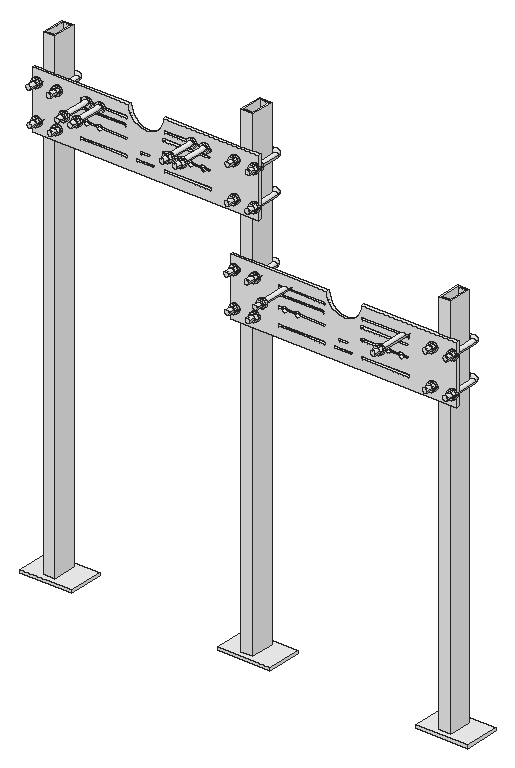
Revit family "Plumbing Fixture-Water_Closet_Carrier_Mifab_MC-33", category Plumbing Fixtures, host Face, Revit 2013
Parameters
  WFU = 0
  URL = "www.mifab.com"
  Model = "MC-33"
  Manufacturer = "MIFAB"
  Interceptor Material = Paint - Sherwin Williams Paint - #952C2A - Bellwood Red
  Description = "Hanger Plate Carrier With Three Uprights"
  Default Elevation = 0.000"
  Assembly Code = ""
Reference planes (in)
  plane 1 "Center (Front/Back)": y = 0
  plane 2: z = 0
  plane 3 "Center (Left/Right)": x = 0
Forms (in)
  Extrusion 1, solid, material "Paint - Sherwin Williams Paint - #952C2A - Bellwood Red" <- "Interceptor Material"
    sketch origin (-8.875, 0, 0) x (1, 0, 0) y (0, 1, 0)
      loop
        line (-10.75, 1.5) -> (-10.75, -1.5) -> (-6.25, -1.5) -> (-6.25, 1.5) -> (-10.75, 1.5)
      loop
        line (10.75, 1.5) -> (6.25, 1.5) -> (6.25, -1.5) -> (10.75, -1.5) -> (10.75, 1.5)
    from 0 to 0.25
  Extrusion 2, solid, material "Paint - Sherwin Williams Paint - #952C2A - Bellwood Red" <- "Interceptor Material"
    sketch origin (-9, 0, 0) x (1, 0, 0) y (0, 1, 0)
      loop
        line (-9, 1) -> (-9, -1) -> (-8, -1) -> (-8, 1) -> (-9, 1)
      loop
        line (9, 1) -> (8, 1) -> (8, -1) -> (9, -1) -> (9, 1)
      loop
        line (-8.875, 0.875) -> (-8.875, -0.875) -> (-8.125, -0.875) -> (-8.125, 0.875) -> (-8.875, 0.875)
      loop
        line (8.875, 0.875) -> (8.125, 0.875) -> (8.125, -0.875) -> (8.875, -0.875) -> (8.875, 0.875)
    from 0.25 to 42
  Extrusion 3, solid, material "Paint - Sherwin Williams Paint - #952C2A - Bellwood Red" <- "Interceptor Material"
    sketch origin (-8.95325, -1.5, 0) x (1, 0, 0) y (0, 0, 1)
      loop
        line (-9.75, 39.14334) -> (-9.75, 34.14334) -> (9.65649, 34.14334) -> (9.65649, 39.14334) -> (1.5, 39.14334)
        arc (1.5, 39.14334) -> (0, 37.64334) -> (-1.5, 39.14334) r 1.5
        line (-1.5, 39.14334) -> (-9.75, 39.14334)
      loop
        circle (9.37144, 38.14334) r 0.25
      loop
        circle (7.62856, 38.14334) r 0.25
      loop
        circle (-9.37144, 38.14334) r 0.25
      loop
        circle (-7.62856, 38.14334) r 0.25
      loop
        line (5.54399, 38.26834) -> (5.275, 38.26834) -> (1.66899, 38.26834)
        arc (1.66899, 38.26834) -> (1.54399, 38.14334) -> (1.66899, 38.01834) r 0.125
        line (1.66899, 38.01834) -> (5.27785, 38.01834) -> (5.54399, 38.01834)
        arc (5.54399, 38.01834) -> (5.66899, 38.14334) -> (5.54399, 38.26834) r 0.125
      loop
        arc (-5.54399, 38.26834) -> (-5.66899, 38.14334) -> (-5.54399, 38.01834) r 0.125
        line (-5.54399, 38.01834) -> (-5.27785, 38.01834) -> (-1.66899, 38.01834)
        arc (-1.66899, 38.01834) -> (-1.54399, 38.14334) -> (-1.66899, 38.26834) r 0.125
        line (-1.66899, 38.26834) -> (-5.275, 38.26834) -> (-5.54399, 38.26834)
      loop
        circle (9.37144, 35.14334) r 0.25
      loop
        circle (7.62856, 35.14334) r 0.25
      loop
        circle (-9.37144, 35.14334) r 0.25
      loop
        circle (-7.62856, 35.14334) r 0.25
      loop
        arc (5.54399, 35.01834) -> (5.66899, 35.14334) -> (5.54399, 35.26834) r 0.125
        line (5.54399, 35.26834) -> (1.66899, 35.26834)
        arc (1.66899, 35.26834) -> (1.54399, 35.14334) -> (1.66899, 35.01834) r 0.125
        line (1.66899, 35.01834) -> (5.54399, 35.01834)
      loop
        line (-5.54399, 35.01834) -> (-3.725, 35.01834) -> (-1.66899, 35.01834)
        arc (-1.66899, 35.01834) -> (-1.54399, 35.14334) -> (-1.66899, 35.26834) r 0.125
        line (-1.66899, 35.26834) -> (-3.72215, 35.26834) -> (-5.54399, 35.26834)
        arc (-5.54399, 35.26834) -> (-5.66899, 35.14334) -> (-5.54399, 35.01834) r 0.125
      loop
        arc (-5.54399, 36.64334) -> (-5.66899, 36.51834) -> (-5.54399, 36.39334) r 0.125
        line (-5.54399, 36.39334) -> (-5.27785, 36.39334)
        arc (-5.27785, 36.39334) -> (-5.05994, 36.26587) -> (-4.84203, 36.39334) r 0.25
        line (-4.84203, 36.39334) -> (-4.15797, 36.39334)
        arc (-4.15797, 36.39334) -> (-3.94006, 36.26587) -> (-3.72215, 36.39334) r 0.25
        line (-3.72215, 36.39334) -> (-1.66899, 36.39334)
        arc (-1.66899, 36.39334) -> (-1.54399, 36.51834) -> (-1.66899, 36.64334) r 0.125
        line (-1.66899, 36.64334) -> (-3.725, 36.64334)
        arc (-3.725, 36.64334) -> (-3.94006, 36.76587) -> (-4.15512, 36.64334) r 0.25
        line (-4.15512, 36.64334) -> (-4.84488, 36.64334)
        arc (-4.84488, 36.64334) -> (-5.05994, 36.76587) -> (-5.275, 36.64334) r 0.25
        line (-5.275, 36.64334) -> (-5.54399, 36.64334)
      loop
        line (5.41405, 37.625) -> (5.14506, 37.625) -> (1.53905, 37.625)
        arc (1.53905, 37.625) -> (1.41405, 37.5) -> (1.53905, 37.375) r 0.125
        line (1.53905, 37.375) -> (5.14791, 37.375) -> (5.41405, 37.375)
        arc (5.41405, 37.375) -> (5.53905, 37.5) -> (5.41405, 37.625) r 0.125
      loop
        arc (-5.67393, 37.625) -> (-5.79893, 37.5) -> (-5.67393, 37.375) r 0.125
        line (-5.67393, 37.375) -> (-5.40779, 37.375) -> (-1.79893, 37.375)
        arc (-1.79893, 37.375) -> (-1.67393, 37.5) -> (-1.79893, 37.625) r 0.125
        line (-1.79893, 37.625) -> (-5.40494, 37.625) -> (-5.67393, 37.625)
      loop
        line (5.45049, 36.64334) -> (5.1815, 36.64334)
        arc (5.1815, 36.64334) -> (4.96643, 36.76587) -> (4.75137, 36.64334) r 0.25
        line (4.75137, 36.64334) -> (4.06162, 36.64334)
        arc (4.06162, 36.64334) -> (3.84656, 36.76587) -> (3.63149, 36.64334) r 0.25
        line (3.63149, 36.64334) -> (1.57549, 36.64334)
        arc (1.57549, 36.64334) -> (1.45049, 36.51834) -> (1.57549, 36.39334) r 0.125
        line (1.57549, 36.39334) -> (3.62864, 36.39334)
        arc (3.62864, 36.39334) -> (3.84656, 36.26587) -> (4.06447, 36.39334) r 0.25
        line (4.06447, 36.39334) -> (4.74852, 36.39334)
        arc (4.74852, 36.39334) -> (4.96643, 36.26587) -> (5.18435, 36.39334) r 0.25
        line (5.18435, 36.39334) -> (5.45049, 36.39334)
        arc (5.45049, 36.39334) -> (5.57549, 36.51834) -> (5.45049, 36.64334) r 0.125
      loop
        arc (-0.70997, 35.26834) -> (-0.83497, 35.14334) -> (-0.70997, 35.01834) r 0.125
        line (-0.70997, 35.01834) -> (0.61647, 35.01834)
        arc (0.61647, 35.01834) -> (0.74147, 35.14334) -> (0.61647, 35.26834) r 0.125
        line (0.61647, 35.26834) -> (-0.70997, 35.26834)
      loop
        arc (-0.32934, 35.95824) -> (-0.45434, 35.83324) -> (-0.32934, 35.70824) r 0.125
        line (-0.32934, 35.70824) -> (0.23583, 35.70824)
        arc (0.23583, 35.70824) -> (0.36083, 35.83324) -> (0.23583, 35.95824) r 0.125
        line (0.23583, 35.95824) -> (-0.32934, 35.95824)
    from -0.5 to -0.25
  Sweep 4, solid, material "Paint - Sherwin Williams Paint - #952C2A - Bellwood Red" <- "Interceptor Material"
    path origin (-8.95325, 0, 0.48355) x (1, 0, 0) y (0, 1, 0)
      loop
        line (-9.37144, -2.1899) -> (-9.37144, 0.8101)
        arc (-9.37144, 0.8101) -> (-9.2426, 1.12116) -> (-8.93154, 1.25) r 0.4399
        line (-8.93154, 1.25) -> (-8.06846, 1.25)
        arc (-8.06846, 1.25) -> (-7.7574, 1.12116) -> (-7.62856, 0.8101) r 0.4399
        line (-7.62856, 0.8101) -> (-7.62856, -2.1899)
    profile origin (-18.32469, -0.6899, 0.48355) x (-1, 0, 0) y (0, 0, 1)
      loop
        circle (0, 37.63699) r 0.2
  Sweep 5, solid, material "Paint - Sherwin Williams Paint - #952C2A - Bellwood Red" <- "Interceptor Material"
    path origin (-8.94915, 0.11634, 0.49005) x (-1, 0, 0) y (0, 1, 0)
      loop
        line (-9.37144, -2.1899) -> (-9.37144, 0.8101)
        arc (-9.37144, 0.8101) -> (-9.2426, 1.12116) -> (-8.93154, 1.25) r 0.4399
        line (-8.93154, 1.25) -> (-8.06846, 1.25)
        arc (-8.06846, 1.25) -> (-7.7574, 1.12116) -> (-7.62856, 0.8101) r 0.4399
        line (-7.62856, 0.8101) -> (-7.62856, -2.1899)
    profile origin (0.42229, -0.57356, 0.49005) x (-1, 0, 0) y (0, 0, 1)
      loop
        circle (0, 37.63699) r 0.2
  Extrusion 6, solid
    sketch origin (-8.95325, 0, 1.87253) x (1, 0, 0) y (0, 0, 1)
      loop
        circle (-9.37144, 36.25) r 0.37861
      loop
        circle (-7.62856, 36.25) r 0.37861
      loop
        circle (7.62856, 36.25) r 0.37861
      loop
        circle (9.37144, 36.25) r 0.37861
    from 1.25 to 1.375
  Extrusion 7, solid
    sketch origin (-8.95325, -2.25, 1.87253) x (1, 0, 0) y (0, 0, -1)
      loop
        circle (-9.37144, -36.25) r 0.37861
      loop
        circle (-7.62856, -36.25) r 0.37861
      loop
        circle (7.62856, -36.25) r 0.37861
      loop
        circle (9.37144, -36.25) r 0.37861
    from 1.25 to 1.375
  Extrusion 8, solid, material "Paint - Sherwin Williams Paint - #952C2A - Bellwood Red" <- "Interceptor Material"
    sketch origin (-8.95325, 0, 0.5) x (1, 0, 0) y (0, 0, 1)
      loop
        circle (-3.94006, 37.62253) r 0.2
      loop
        circle (-5.05994, 37.62253) r 0.2
      loop
        circle (3.94006, 37.62253) r 0.2
      loop
        circle (5.05994, 37.62253) r 0.2
    from 0.73281 to 4.48435
  Extrusion 9, solid, material "Paint - Sherwin Williams Paint - #952C2A - Bellwood Red" <- "Interceptor Material"
    sketch origin (-4.64174, -2.4273, -1.05033) x (1, 0, 0) y (0, 0, 1)
      loop
        line (-9.19891, 39.47169) -> (-9.54397, 39.47169) -> (-9.7165, 39.17286) -> (-9.54397, 38.87403) -> (-9.19891, 38.87403) -> (-9.02638, 39.17286) -> (-9.19891, 39.47169)
      loop
        circle (-9.37144, 39.17286) r 0.2
      loop
        line (-8.07903, 39.47169) -> (-8.42409, 39.47169) -> (-8.59662, 39.17286) -> (-8.42409, 38.87403) -> (-8.07903, 38.87403) -> (-7.90651, 39.17286) -> (-8.07903, 39.47169)
      loop
        circle (-8.25156, 39.17286) r 0.2
      loop
        line (-0.19891, 39.47169) -> (-0.54397, 39.47169) -> (-0.7165, 39.17286) -> (-0.54397, 38.87403) -> (-0.19891, 38.87403) -> (-0.02638, 39.17286) -> (-0.19891, 39.47169)
      loop
        circle (-0.37144, 39.17286) r 0.2
      loop
        line (0.92097, 39.47169) -> (0.57591, 39.47169) -> (0.40338, 39.17286) -> (0.57591, 38.87403) -> (0.92097, 38.87403) -> (1.09349, 39.17286) -> (0.92097, 39.47169)
      loop
        circle (0.74844, 39.17286) r 0.2
    from 1.375 to 1.625
  Extrusion 10, solid, material "Paint - Sherwin Williams Paint - #952C2A - Bellwood Red" <- "Interceptor Material"
    sketch origin (-4.64174, 0, -1.05033) x (1, 0, 0) y (0, 0, 1)
      loop
        circle (-9.37144, 39.17286) r 0.37857
      loop
        circle (-8.25156, 39.17286) r 0.37857
      loop
        circle (-0.37144, 39.17286) r 0.37857
      loop
        circle (0.74844, 39.17286) r 0.37857
    from 1.25 to 1.375
  Extrusion 11, solid, material "Paint - Sherwin Williams Paint - #952C2A - Bellwood Red" <- "Interceptor Material"
    sketch origin (-4.64174, -2.43499, -1.05033) x (1, 0, 0) y (0, 0, 1)
      loop
        circle (-9.37144, 39.17286) r 0.37857
      loop
        circle (-8.25156, 39.17286) r 0.37857
      loop
        circle (-0.37144, 39.17286) r 0.37857
      loop
        circle (0.74844, 39.17286) r 0.37857
    from 1.25 to 1.375
  Extrusion 12, solid, material "Paint - Sherwin Williams Paint - #952C2A - Bellwood Red" <- "Interceptor Material"
    sketch origin (8.05767, -1.5, -8.42032) x (1, 0, 0) y (0, 0, 1)
      loop
        line (-9.75, 39.14334) -> (-9.75, 34.14334) -> (9.65649, 34.14334) -> (9.65649, 39.14334) -> (1.5, 39.14334)
        arc (1.5, 39.14334) -> (0, 37.64334) -> (-1.5, 39.14334) r 1.5
        line (-1.5, 39.14334) -> (-9.75, 39.14334)
      loop
        circle (9.37144, 38.14334) r 0.25
      loop
        circle (7.62856, 38.14334) r 0.25
      loop
        circle (-9.37144, 38.14334) r 0.25
      loop
        circle (-7.62856, 38.14334) r 0.25
      loop
        line (5.54399, 38.26834) -> (5.275, 38.26834) -> (1.66899, 38.26834)
        arc (1.66899, 38.26834) -> (1.54399, 38.14334) -> (1.66899, 38.01834) r 0.125
        line (1.66899, 38.01834) -> (5.27785, 38.01834) -> (5.54399, 38.01834)
        arc (5.54399, 38.01834) -> (5.66899, 38.14334) -> (5.54399, 38.26834) r 0.125
      loop
        arc (-5.54399, 38.26834) -> (-5.62812, 38.18421) -> (-5.54399, 38.10008) r 0.08413
        line (-5.54399, 38.10008) -> (-5.27785, 38.10008) -> (-1.66899, 38.10008)
        arc (-1.66899, 38.10008) -> (-1.58487, 38.18421) -> (-1.66899, 38.26834) r 0.08413
        line (-1.66899, 38.26834) -> (-5.275, 38.26834) -> (-5.54399, 38.26834)
      loop
        circle (9.37144, 35.14334) r 0.25
      loop
        circle (7.62856, 35.14334) r 0.25
      loop
        circle (-9.37144, 35.14334) r 0.25
      loop
        circle (-7.62856, 35.14334) r 0.25
      loop
        arc (5.54399, 35.01834) -> (5.66899, 35.14334) -> (5.54399, 35.26834) r 0.125
        line (5.54399, 35.26834) -> (1.66899, 35.26834)
        arc (1.66899, 35.26834) -> (1.54399, 35.14334) -> (1.66899, 35.01834) r 0.125
        line (1.66899, 35.01834) -> (5.54399, 35.01834)
      loop
        line (-5.54399, 35.01834) -> (-3.725, 35.01834) -> (-1.66899, 35.01834)
        arc (-1.66899, 35.01834) -> (-1.54399, 35.14334) -> (-1.66899, 35.26834) r 0.125
        line (-1.66899, 35.26834) -> (-3.72215, 35.26834) -> (-5.54399, 35.26834)
        arc (-5.54399, 35.26834) -> (-5.66899, 35.14334) -> (-5.54399, 35.01834) r 0.125
      loop
        arc (-5.54399, 36.64334) -> (-5.66899, 36.51834) -> (-5.54399, 36.39334) r 0.125
        line (-5.54399, 36.39334) -> (-5.27785, 36.39334)
        arc (-5.27785, 36.39334) -> (-5.05994, 36.26587) -> (-4.84203, 36.39334) r 0.25
        line (-4.84203, 36.39334) -> (-4.15797, 36.39334)
        arc (-4.15797, 36.39334) -> (-3.94006, 36.26587) -> (-3.72215, 36.39334) r 0.25
        line (-3.72215, 36.39334) -> (-1.66899, 36.39334)
        arc (-1.66899, 36.39334) -> (-1.54399, 36.51834) -> (-1.66899, 36.64334) r 0.125
        line (-1.66899, 36.64334) -> (-3.725, 36.64334)
        arc (-3.725, 36.64334) -> (-3.94006, 36.76587) -> (-4.15512, 36.64334) r 0.25
        line (-4.15512, 36.64334) -> (-4.84488, 36.64334)
        arc (-4.84488, 36.64334) -> (-5.05994, 36.76587) -> (-5.275, 36.64334) r 0.25
        line (-5.275, 36.64334) -> (-5.54399, 36.64334)
      loop
        line (5.41405, 37.625) -> (5.14506, 37.625) -> (1.53905, 37.625)
        arc (1.53905, 37.625) -> (1.41405, 37.5) -> (1.53905, 37.375) r 0.125
        line (1.53905, 37.375) -> (5.14791, 37.375) -> (5.41405, 37.375)
        arc (5.41405, 37.375) -> (5.53905, 37.5) -> (5.41405, 37.625) r 0.125
      loop
        arc (-5.67393, 37.625) -> (-5.79893, 37.5) -> (-5.67393, 37.375) r 0.125
        line (-5.67393, 37.375) -> (-5.40779, 37.375) -> (-1.79893, 37.375)
        arc (-1.79893, 37.375) -> (-1.67393, 37.5) -> (-1.79893, 37.625) r 0.125
        line (-1.79893, 37.625) -> (-5.40494, 37.625) -> (-5.67393, 37.625)
      loop
        line (5.45049, 36.64334) -> (5.1815, 36.64334)
        arc (5.1815, 36.64334) -> (4.96643, 36.76587) -> (4.75137, 36.64334) r 0.25
        line (4.75137, 36.64334) -> (4.06162, 36.64334)
        arc (4.06162, 36.64334) -> (3.84656, 36.76587) -> (3.63149, 36.64334) r 0.25
        line (3.63149, 36.64334) -> (1.57549, 36.64334)
        arc (1.57549, 36.64334) -> (1.45049, 36.51834) -> (1.57549, 36.39334) r 0.125
        line (1.57549, 36.39334) -> (3.62864, 36.39334)
        arc (3.62864, 36.39334) -> (3.84656, 36.26587) -> (4.06447, 36.39334) r 0.25
        line (4.06447, 36.39334) -> (4.74852, 36.39334)
        arc (4.74852, 36.39334) -> (4.96643, 36.26587) -> (5.18435, 36.39334) r 0.25
        line (5.18435, 36.39334) -> (5.45049, 36.39334)
        arc (5.45049, 36.39334) -> (5.57549, 36.51834) -> (5.45049, 36.64334) r 0.125
      loop
        arc (-0.70997, 35.26834) -> (-0.83497, 35.14334) -> (-0.70997, 35.01834) r 0.125
        line (-0.70997, 35.01834) -> (0.61647, 35.01834)
        arc (0.61647, 35.01834) -> (0.74147, 35.14334) -> (0.61647, 35.26834) r 0.125
        line (0.61647, 35.26834) -> (-0.70997, 35.26834)
      loop
        arc (-0.32934, 35.95824) -> (-0.45434, 35.83324) -> (-0.32934, 35.70824) r 0.125
        line (-0.32934, 35.70824) -> (0.23583, 35.70824)
        arc (0.23583, 35.70824) -> (0.36083, 35.83324) -> (0.23583, 35.95824) r 0.125
        line (0.23583, 35.95824) -> (-0.32934, 35.95824)
    from -0.5 to -0.25
  Sweep 13, solid, material "Paint - Sherwin Williams Paint - #952C2A - Bellwood Red" <- "Interceptor Material"
    path origin (-8.95325, 0.10934, -2.50059) x (1, 0, 0) y (0, 1, 0)
      loop
        line (-9.37144, -2.1899) -> (-9.37144, 0.8101)
        arc (-9.37144, 0.8101) -> (-9.2426, 1.12116) -> (-8.93154, 1.25) r 0.4399
        line (-8.93154, 1.25) -> (-8.06846, 1.25)
        arc (-8.06846, 1.25) -> (-7.7574, 1.12116) -> (-7.62856, 0.8101) r 0.4399
        line (-7.62856, 0.8101) -> (-7.62856, -2.1899)
    profile origin (-18.32469, -0.58056, -2.50059) x (-1, 0, 0) y (0, 0, 1)
      loop
        circle (0, 37.63699) r 0.2
  Extrusion 14, solid
    sketch origin (-8.95325, 0, -1.14035) x (1, 0, 0) y (0, 0, 1)
      loop
        circle (-9.37144, 36.25) r 0.37861
      loop
        circle (-7.63541, 36.25455) r 0.37861
      loop
        circle (7.62856, 36.25) r 0.37861
      loop
        circle (9.37144, 36.25) r 0.37861
    from 1.25 to 1.375
  Sweep 15, solid, material "Paint - Sherwin Williams Paint - #952C2A - Bellwood Red" <- "Interceptor Material"
    path origin (-8.94915, 0.05995, -2.50942) x (-1, 0, 0) y (0, 1, 0)
      loop
        line (-9.37144, -2.1899) -> (-9.37144, 0.8101)
        arc (-9.37144, 0.8101) -> (-9.2426, 1.12116) -> (-8.93154, 1.25) r 0.4399
        line (-8.93154, 1.25) -> (-8.06846, 1.25)
        arc (-8.06846, 1.25) -> (-7.7574, 1.12116) -> (-7.62856, 0.8101) r 0.4399
        line (-7.62856, 0.8101) -> (-7.62856, -2.1899)
    profile origin (0.42229, -0.62995, -2.50942) x (-1, 0, 0) y (0, 0, 1)
      loop
        circle (0, 37.63699) r 0.2
  Sweep 16, solid, material "Paint - Sherwin Williams Paint - #952C2A - Bellwood Red" <- "Interceptor Material"
    path origin (8.04675, 0.10934, -10.89908) x (1, 0, 0) y (0, 1, 0)
      loop
        line (-9.37144, -2.1899) -> (-9.37144, 0.8101)
        arc (-9.37144, 0.8101) -> (-9.2426, 1.12116) -> (-8.93154, 1.25) r 0.4399
        line (-8.93154, 1.25) -> (-8.06846, 1.25)
        arc (-8.06846, 1.25) -> (-7.7574, 1.12116) -> (-7.62856, 0.8101) r 0.4399
        line (-7.62856, 0.8101) -> (-7.62856, -2.1899)
    profile origin (-1.32469, -0.58056, -10.89908) x (-1, 0, 0) y (0, 0, 1)
      loop
        circle (0, 37.63699) r 0.2
  Sweep 17, solid, material "Paint - Sherwin Williams Paint - #952C2A - Bellwood Red" <- "Interceptor Material"
    path origin (8.04675, 0, -7.91494) x (1, 0, 0) y (0, 1, 0)
      loop
        line (-9.37144, -2.1899) -> (-9.37144, 0.8101)
        arc (-9.37144, 0.8101) -> (-9.2426, 1.12116) -> (-8.93154, 1.25) r 0.4399
        line (-8.93154, 1.25) -> (-8.06846, 1.25)
        arc (-8.06846, 1.25) -> (-7.7574, 1.12116) -> (-7.62856, 0.8101) r 0.4399
        line (-7.62856, 0.8101) -> (-7.62856, -2.1899)
    profile origin (-1.32469, -0.6899, -7.91494) x (-1, 0, 0) y (0, 0, 1)
      loop
        circle (0, 37.63699) r 0.2
  Sweep 18, solid, material "Paint - Sherwin Williams Paint - #952C2A - Bellwood Red" <- "Interceptor Material"
    path origin (8.05085, 0.11634, -7.90845) x (-1, 0, 0) y (0, 1, 0)
      loop
        line (-9.37144, -2.1899) -> (-9.37144, 0.8101)
        arc (-9.37144, 0.8101) -> (-9.2426, 1.12116) -> (-8.93154, 1.25) r 0.4399
        line (-8.93154, 1.25) -> (-8.06846, 1.25)
        arc (-8.06846, 1.25) -> (-7.7574, 1.12116) -> (-7.62856, 0.8101) r 0.4399
        line (-7.62856, 0.8101) -> (-7.62856, -2.1899)
    profile origin (17.42229, -0.57356, -7.90845) x (-1, 0, 0) y (0, 0, 1)
      loop
        circle (0, 37.63699) r 0.2
  Sweep 19, solid, material "Paint - Sherwin Williams Paint - #952C2A - Bellwood Red" <- "Interceptor Material"
    path origin (8.06176, 0.05995, -10.92974) x (-1, 0, 0) y (0, 1, 0)
      loop
        line (-9.37144, -2.1899) -> (-9.37144, 0.8101)
        arc (-9.37144, 0.8101) -> (-9.2426, 1.12116) -> (-8.93154, 1.25) r 0.4399
        line (-8.93154, 1.25) -> (-8.06846, 1.25)
        arc (-8.06846, 1.25) -> (-7.7574, 1.12116) -> (-7.62856, 0.8101) r 0.4399
        line (-7.62856, 0.8101) -> (-7.62856, -2.1899)
    profile origin (17.4332, -0.62995, -10.92974) x (-1, 0, 0) y (0, 0, 1)
      loop
        circle (0, 37.63699) r 0.2
  Extrusion 20, solid, material "Paint - Sherwin Williams Paint - #952C2A - Bellwood Red" <- "Interceptor Material"
    sketch origin (-8.95325, 0, -1.14035) x (1, 0, 0) y (0, 0, 1)
      loop
        line (9.19891, 36.54883) -> (9.02638, 36.25) -> (9.19891, 35.95117) -> (9.54397, 35.95117) -> (9.7165, 36.25) -> (9.54397, 36.54883) -> (9.19891, 36.54883)
      loop
        line (7.45603, 36.54883) -> (7.2835, 36.25) -> (7.45603, 35.95117) -> (7.80109, 35.95117) -> (7.97362, 36.25) -> (7.80109, 36.54883) -> (7.45603, 36.54883)
      loop
        circle (9.37144, 36.25) r 0.2
      loop
        circle (7.62856, 36.25) r 0.2
      loop
        line (-9.19891, 36.54883) -> (-9.54397, 36.54883) -> (-9.7165, 36.25) -> (-9.54397, 35.95117) -> (-9.19891, 35.95117) -> (-9.02638, 36.25) -> (-9.19891, 36.54883)
      loop
        line (-7.45603, 36.54883) -> (-7.80109, 36.54883) -> (-7.97362, 36.25) -> (-7.80109, 35.95117) -> (-7.45603, 35.95117) -> (-7.2835, 36.25) -> (-7.45603, 36.54883)
      loop
        circle (-9.38944, 36.27126) r 0.2
      loop
        circle (-7.62856, 36.25) r 0.2
    from 1.375 to 1.625
  Extrusion 21, solid, material "Paint - Sherwin Williams Paint - #952C2A - Bellwood Red" <- "Interceptor Material"
    sketch origin (8.05767, 0, -9.56067) x (1, 0, 0) y (0, 0, 1)
      loop
        line (9.19891, 36.54883) -> (9.02638, 36.25) -> (9.19891, 35.95117) -> (9.54397, 35.95117) -> (9.7165, 36.25) -> (9.54397, 36.54883) -> (9.19891, 36.54883)
      loop
        line (7.45603, 36.54883) -> (7.2835, 36.25) -> (7.45603, 35.95117) -> (7.80109, 35.95117) -> (7.97362, 36.25) -> (7.80109, 36.54883) -> (7.45603, 36.54883)
      loop
        circle (9.37144, 36.25) r 0.2
      loop
        circle (7.62856, 36.25) r 0.2
      loop
        line (-9.19891, 36.54883) -> (-9.54397, 36.54883) -> (-9.7165, 36.25) -> (-9.54397, 35.95117) -> (-9.19891, 35.95117) -> (-9.02638, 36.25) -> (-9.19891, 36.54883)
      loop
        line (-7.45603, 36.54883) -> (-7.80109, 36.54883) -> (-7.97362, 36.25) -> (-7.80109, 35.95117) -> (-7.45603, 35.95117) -> (-7.2835, 36.25) -> (-7.45603, 36.54883)
      loop
        circle (-9.38944, 36.27126) r 0.2
      loop
        circle (-7.62856, 36.25) r 0.2
    from 1.375 to 1.625
  Extrusion 22, solid, material "Paint - Sherwin Williams Paint - #952C2A - Bellwood Red" <- "Interceptor Material"
    sketch origin (8.05767, 0, -6.54779) x (1, 0, 0) y (0, 0, 1)
      loop
        line (9.19891, 36.54883) -> (9.02638, 36.25) -> (9.19891, 35.95117) -> (9.54397, 35.95117) -> (9.7165, 36.25) -> (9.54397, 36.54883) -> (9.19891, 36.54883)
      loop
        line (7.45603, 36.54883) -> (7.2835, 36.25) -> (7.45603, 35.95117) -> (7.80109, 35.95117) -> (7.97362, 36.25) -> (7.80109, 36.54883) -> (7.45603, 36.54883)
      loop
        circle (9.37144, 36.25) r 0.2
      loop
        circle (7.62856, 36.25) r 0.2
      loop
        line (-9.19891, 36.54883) -> (-9.54397, 36.54883) -> (-9.7165, 36.25) -> (-9.54397, 35.95117) -> (-9.19891, 35.95117) -> (-9.02638, 36.25) -> (-9.19891, 36.54883)
      loop
        line (-7.45603, 36.54883) -> (-7.80109, 36.54883) -> (-7.97362, 36.25) -> (-7.80109, 35.95117) -> (-7.45603, 35.95117) -> (-7.2835, 36.25) -> (-7.45603, 36.54883)
      loop
        circle (-9.38944, 36.27126) r 0.2
      loop
        circle (-7.62856, 36.25) r 0.2
    from 1.375 to 1.625
  Extrusion 23, solid
    sketch origin (8.05767, 0, -6.54779) x (1, 0, 0) y (0, 0, 1)
      loop
        circle (-9.37144, 36.25) r 0.37861
      loop
        circle (-7.62856, 36.25) r 0.37861
      loop
        circle (7.62856, 36.25) r 0.37861
      loop
        circle (9.37144, 36.25) r 0.37861
    from 1.25 to 1.375
  Extrusion 24, solid
    sketch origin (8.05767, 0, -9.56067) x (1, 0, 0) y (0, 0, 1)
      loop
        circle (-9.37144, 36.25) r 0.37861
      loop
        circle (-7.63541, 36.25455) r 0.37861
      loop
        circle (7.62856, 36.25) r 0.37861
      loop
        circle (9.37144, 36.25) r 0.37861
    from 1.25 to 1.375
  Extrusion 25, solid, material "Paint - Sherwin Williams Paint - #952C2A - Bellwood Red" <- "Interceptor Material"
    sketch origin (0, 0, 0) x (1, 0, 0) y (0, 1, 0)
      loop
        line (17, 1) -> (16, 1) -> (16, -1) -> (17, -1) -> (17, 1)
      loop
        line (16.875, 0.875) -> (16.125, 0.875) -> (16.125, -0.875) -> (16.875, -0.875) -> (16.875, 0.875)
    from 0 to 33.54588
  Extrusion 26, solid, material "Paint - Sherwin Williams Paint - #952C2A - Bellwood Red" <- "Interceptor Material"
    sketch origin (8.05767, 0, -7.92032) x (1, 0, 0) y (0, 0, 1)
      loop
        circle (-5.05994, 37.62253) r 0.2
      loop
        circle (5.05994, 37.62253) r 0.2
    from 0.73281 to 4.48435
  Extrusion 27, solid, material "Paint - Sherwin Williams Paint - #952C2A - Bellwood Red" <- "Interceptor Material"
    sketch origin (12.36917, -2.4273, -9.47065) x (1, 0, 0) y (0, 0, 1)
      loop
        line (-9.19891, 39.47169) -> (-9.54397, 39.47169) -> (-9.7165, 39.17286) -> (-9.54397, 38.87403) -> (-9.19891, 38.87403) -> (-9.02638, 39.17286) -> (-9.19891, 39.47169)
      loop
        circle (-9.37144, 39.17286) r 0.2
      loop
        line (0.92097, 39.47169) -> (0.57591, 39.47169) -> (0.40338, 39.17286) -> (0.57591, 38.87403) -> (0.92097, 38.87403) -> (1.09349, 39.17286) -> (0.92097, 39.47169)
      loop
        circle (0.74844, 39.17286) r 0.2
    from 1.375 to 1.625
  Extrusion 28, solid, material "Paint - Sherwin Williams Paint - #952C2A - Bellwood Red" <- "Interceptor Material"
    sketch origin (12.36917, -2.43499, -9.47065) x (1, 0, 0) y (0, 0, 1)
      loop
        circle (-9.37144, 39.17286) r 0.37857
      loop
        circle (0.74844, 39.17286) r 0.37857
    from 1.25 to 1.375
  Extrusion 29, solid, material "Paint - Sherwin Williams Paint - #952C2A - Bellwood Red" <- "Interceptor Material"
    sketch origin (0, 0, 0) x (1, 0, 0) y (0, 1, 0)
      loop
        line (18.875, 1.5) -> (14.375, 1.5) -> (14.375, -1.5) -> (18.875, -1.5) -> (18.875, 1.5)
    from 0 to 0.25
  Extrusion 30, solid, material "Paint - Sherwin Williams Paint - #952C2A - Bellwood Red" <- "Interceptor Material"
    sketch origin (-8.95325, 0, 1.85965) x (1, 0, 0) y (0, 0, 1)
      loop
        line (9.19891, 36.54883) -> (9.02638, 36.25) -> (9.19891, 35.95117) -> (9.54397, 35.95117) -> (9.7165, 36.25) -> (9.54397, 36.54883) -> (9.19891, 36.54883)
      loop
        line (7.45603, 36.54883) -> (7.2835, 36.25) -> (7.45603, 35.95117) -> (7.80109, 35.95117) -> (7.97362, 36.25) -> (7.80109, 36.54883) -> (7.45603, 36.54883)
      loop
        circle (9.37144, 36.25) r 0.2
      loop
        circle (7.62856, 36.25) r 0.2
      loop
        line (-9.19891, 36.54883) -> (-9.54397, 36.54883) -> (-9.7165, 36.25) -> (-9.54397, 35.95117) -> (-9.19891, 35.95117) -> (-9.02638, 36.25) -> (-9.19891, 36.54883)
      loop
        line (-7.45603, 36.54883) -> (-7.80109, 36.54883) -> (-7.97362, 36.25) -> (-7.80109, 35.95117) -> (-7.45603, 35.95117) -> (-7.2835, 36.25) -> (-7.45603, 36.54883)
      loop
        circle (-9.38944, 36.27126) r 0.2
      loop
        circle (-7.62856, 36.25) r 0.2
    from 1.375 to 1.625
Cuts and joins
  joined: Extrusion 1, Extrusion 2, Extrusion 3, Sweep 4, Sweep 5, Extrusion 8, Extrusion 9, Extrusion 10, Extrusion 11, Extrusion 29
Dimensions and locks (in)
  Extrusion 3 sketch curve to Extrusion 3 sketch curve = 5.000"
  Extrusion 12 sketch curve to Extrusion 12 sketch curve = 5.000"
  aligned and locked: plane 2 to host face
  aligned and locked: level to host face
  aligned and locked: Extrusion 2 to Extrusion 1
  aligned and locked: Extrusion 3 to Extrusion 2
  aligned and locked: Extrusion 6 to Extrusion 3
  aligned and locked: Extrusion 1 to level
  aligned and locked: Extrusion 29 to cut or joined group of Extrusion 1, Extrusion 2, Extrusion 3, Sweep 4, Sweep 5, Extrusion 8, Extrusion 9, Extrusion 10, Extrusion 11, Extrusion 29
